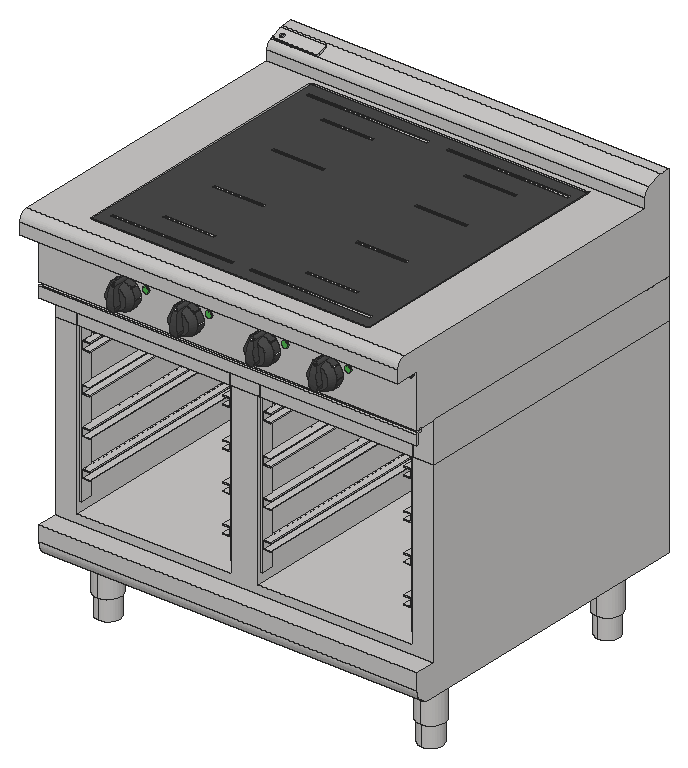
Revit family "QF_Moffat_INL8400F-CB_Induction_Cooktop_cat", category Specialty Equipment, Revit 2019
Family settings
  Round Connector Dimension = Use Diameter
  Part Type = Normal
  Work Plane-Based = No
  Always vertical = Yes
  Cut with Voids When Loaded = No
  Shared = No
  Room Calculation Point = No
Parameters (values of type "INL8400F-CB_415/60/3")
  Weight in Kilograms = 105
  Watts = 20000 W
  Volts = 415 V
  URL Cutsheet = ""
  Specification by User = ""
  Specification by Manufacturer = ""
  Show Logo [instance] = yes
  Serial Number = ""
  Seismic Rating = ""
  SMACNA No = ""
  Revision Code = ""
  Phase = 3
  Number of Poles = 1
  NAFEM Spec ID Number = ""
  Model = "INL8400F-CB"
  Min Ckt Ampacity = 0 A
  Max Overcurrent Protection = 0 A
  Masterspec = ""
  Manufacturer = "Moffat"
  Length = 900 mm
  Item Number = ""
  Installed By = ""
  Identify Quantity as Lot = yes
  Height = 970 mm
  HP = ""
  Furnished By = ""
  Foodservice Equipment Identifier = yes
  FL Amps = 28 A
  Electrical Remarks = ""
  Electric Connection Type = ""
  Elec Conn RI Height = 0 mm
  Elec Conn Connection Height = 0 mm
  Description = "Induction Cooktop"
  Depth = 805 mm
  Cycle = 60 Hz
  Conn Plug = ""
  Conn Conduit = yes
  CSI MasterFormat = ""
  Apparent Power = 16608 VA
Reference planes
  plane 1 "BACK": y = 0
  plane 2: z = 0
  plane 3 "LEFT": x = 0
  plane 4 "RIGHT": x = 900
  plane 5 "FRONT": y = -805
  plane 6 "TOP": z = 970
  plane 7 "Center Y": x = 450
  plane 8 "Center X": y = -402.5
  plane 9: x = 65.5
  plane 10: x = 834.5
  plane 11: y = -30
  plane 12: z = 150
  plane 13: y = -100
  plane 14: y = -625
  plane 15: y = -70
  plane 16: z = 915
  plane 17: x = 770
Forms (mm)
  Extrusion 1, solid, material "QF_Metal_Stainless_Polished"
    sketch origin (0, 0, 560) x (0, 1, 0) y (0, 0, 1)
      loop
        line (0, 180) -> (0, 410) -> (-24.305, 410) -> (-57.632, 395.853)
        arc (-57.632, 395.853) -> (-66.628, 388.372) -> (-70, 377.167) r 20.3
        line (-70, 377.167) -> (-70, 355) -> (-784.417, 355)
        arc (-784.417, 355) -> (-798.971, 348.971) -> (-805, 334.417) r 20.583
        line (-805, 334.417) -> (-805, 305) -> (-749, 305) -> (-749, 180) -> (0, 180)
    from 0 to 900
  Extrusion 2, void
    sketch origin (0, -784.171, 915) x (0, 1, 0) y (-1, 0, 0)
      loop
        arc (699.341, -122.382) -> (697.584, -118.139) -> (693.341, -116.382) r 6
        line (693.341, -116.382) -> (45.245, -116.382)
        arc (45.245, -116.382) -> (41.002, -118.139) -> (39.245, -122.382) r 6
        line (39.245, -122.382) -> (39.245, -777.618)
        arc (39.245, -777.618) -> (41.002, -781.861) -> (45.245, -783.618) r 6
        line (45.245, -783.618) -> (693.341, -783.618)
        arc (693.341, -783.618) -> (697.584, -781.861) -> (699.341, -777.618) r 6
        line (699.341, -777.618) -> (699.341, -122.382)
    from 0 to -9.5
  Extrusion 3, solid, material "QF_Plastic_Black_Smooth"
    sketch origin (0, -784.171, 915) x (0, 1, 0) y (-1, 0, 0)
      loop
        line (695.341, -777.618) -> (695.341, -122.382)
        arc (695.341, -122.382) -> (694.755, -120.968) -> (693.341, -120.382) r 2
        line (693.341, -120.382) -> (45.245, -120.382)
        arc (45.245, -120.382) -> (43.831, -120.968) -> (43.245, -122.382) r 2
        line (43.245, -122.382) -> (43.245, -777.618)
        arc (43.245, -777.618) -> (43.831, -779.032) -> (45.245, -779.618) r 2
        line (45.245, -779.618) -> (693.341, -779.618)
        arc (693.341, -779.618) -> (694.755, -779.032) -> (695.341, -777.618) r 2
      loop
        line (663.444, -138.924) -> (657.444, -138.924) -> (657.444, -426.076) -> (663.444, -426.076) -> (663.444, -138.924)
      loop
        line (78.838, -141.424) -> (72.838, -141.424) -> (72.838, -428.576) -> (78.838, -428.576) -> (78.838, -141.424)
      loop
        line (663.444, -761.076) -> (663.444, -473.924) -> (657.444, -473.924) -> (657.444, -761.076) -> (663.444, -761.076)
      loop
        line (78.838, -758.576) -> (78.838, -471.424) -> (72.838, -471.424) -> (72.838, -758.576) -> (78.838, -758.576)
      loop
        line (600.671, -220) -> (600.671, -340) -> (606.671, -340) -> (606.671, -220) -> (600.671, -220)
      loop
        line (454.421, -220) -> (454.421, -340) -> (460.421, -340) -> (460.421, -220) -> (454.421, -220)
      loop
        line (283.728, -340) -> (283.728, -220) -> (277.728, -220) -> (277.728, -340) -> (283.728, -340)
      loop
        line (136.404, -340) -> (136.404, -220) -> (130.404, -220) -> (130.404, -340) -> (136.404, -340)
      loop
        line (600.671, -680) -> (606.671, -680) -> (606.671, -560) -> (600.671, -560) -> (600.671, -680)
      loop
        line (454.421, -680) -> (460.421, -680) -> (460.421, -560) -> (454.421, -560) -> (454.421, -680)
      loop
        line (283.728, -560) -> (277.728, -560) -> (277.728, -680) -> (283.728, -680) -> (283.728, -560)
      loop
        line (136.404, -560) -> (130.404, -560) -> (130.404, -680) -> (136.404, -680) -> (136.404, -560)
    from 0 to -9.5
  Extrusion 4, solid, material "QF_Metal_Stainless_Polished"
    sketch origin (0, 0, 600) x (0, 1, 0) y (0, 0, 1)
      loop
        line (-739.467, 140) -> (-738.192, 134.838)
        arc (-738.192, 134.838) -> (-738.307, 134.302) -> (-738.799, 134.063) r 0.625
        line (-738.799, 134.063) -> (-746.111, 134.063)
        arc (-746.111, 134.063) -> (-748.011, 133.276) -> (-748.797, 131.377) r 2.686
        line (-748.797, 131.377) -> (-748.797, 107.627) -> (-747.197, 107.627) -> (-747.197, 131.242)
        arc (-747.197, 131.242) -> (-746.84, 132.105) -> (-745.976, 132.463) r 1.221
        line (-745.976, 132.463) -> (-738.755, 132.463)
        arc (-738.755, 132.463) -> (-737.028, 133.304) -> (-736.625, 135.182) r 2.194
        line (-736.625, 135.182) -> (-737.815, 140) -> (-739.467, 140)
    from 0 to 900
  Extrusion 5, solid, material "QF_Plastic_Black_Smooth"
    sketch origin (0, -749, 741.875) x (0, 0, 1) y (-1, 0, 0)
      loop
        circle (112.843, -13.157) r 5
      loop
        circle (112.843, -886.843) r 5
    from 0 to 1.6
  Extrusion 6, solid, material "QF_Metal_Stainless_Polished"
    sketch origin (450, -699, 645) x (0, 1, 0) y (1, 0, 0)
      loop
        circle (669, 320) r 6.35
    from 0 to 10
  Extrusion 7, solid, material "QF_Metal_Stainless_Polished"
    sketch origin (0, -699, 645) x (1, 0, 0) y (0, -1, 0)
      loop
        line (0, -699) -> (900, -699) -> (900, 0) -> (849.2, 0) -> (849.2, -25.4) -> (485.8, -25.4) -> (485.8, 0) -> (414.2, 0) -> (414.2, -25.4) -> (50.8, -25.4) -> (50.8, 0) -> (0, 0) -> (0, -699)
    from 0 to -95
  Extrusion 8, solid, material "QF_Metal_Stainless_Polished"
    sketch origin (50.8, -30, 645) x (0, 1, 0) y (0, 0, 1)
      loop
        line (-669, 0) -> (-643.6, 0) -> (-643.6, 26.45) -> (-669, 26.45) -> (-669, 0)
      loop
        line (-669, 32.45) -> (-643.6, 32.45) -> (-643.6, 66.4) -> (-669, 66.4) -> (-669, 32.45)
      loop
        line (-669, 67.4) -> (-643.6, 67.4) -> (-643.6, 95) -> (-669, 95) -> (-669, 67.4)
    from 0 to 363.4
  Extrusion 9, solid, material "QF_Metal_Stainless_Polished"
    sketch origin (900, 0, 560) x (-1, 0, 0) y (0, -1, 0)
      loop
        line (761.076, 126.726) -> (473.924, 126.726) -> (473.924, 120.726) -> (761.076, 120.726) -> (761.076, 126.726)
      loop
        line (680, 183.5) -> (560, 183.5) -> (560, 177.5) -> (680, 177.5) -> (680, 183.5)
      loop
        line (680, 329.75) -> (560, 329.75) -> (560, 323.75) -> (680, 323.75) -> (680, 329.75)
      loop
        line (680, 506.443) -> (560, 506.443) -> (560, 500.443) -> (680, 500.443) -> (680, 506.443)
      loop
        line (680, 653.766) -> (560, 653.766) -> (560, 647.766) -> (680, 647.766) -> (680, 653.766)
      loop
        line (758.576, 711.333) -> (471.424, 711.333) -> (471.424, 705.333) -> (758.576, 705.333) -> (758.576, 711.333)
      loop
        line (138.924, 126.726) -> (138.924, 120.726) -> (426.076, 120.726) -> (426.076, 126.726) -> (138.924, 126.726)
      loop
        line (220, 183.5) -> (220, 177.5) -> (340, 177.5) -> (340, 183.5) -> (220, 183.5)
      loop
        line (220, 329.75) -> (220, 323.75) -> (340, 323.75) -> (340, 329.75) -> (220, 329.75)
      loop
        line (220, 506.443) -> (220, 500.443) -> (340, 500.443) -> (340, 506.443) -> (220, 506.443)
      loop
        line (220, 653.766) -> (220, 647.766) -> (340, 647.766) -> (340, 653.766) -> (220, 653.766)
      loop
        line (141.424, 711.333) -> (141.424, 705.333) -> (428.576, 705.333) -> (428.576, 711.333) -> (141.424, 711.333)
    from 355 to 345.5
  Extrusion 10, solid, material "QF_Paint_Green"
    sketch origin (123.231, -748.999, 713.75) x (0, 0, 1) y (-1, 0, 0)
      loop
        circle (100.3, -282.5) r 7.15
    from 0 to 1.6
  Extrusion 11, solid, material "QF_Plastic_Black_Smooth"
    sketch origin (135, -748.999, 725.625) x (0, 0, 1) y (-1, 0, 0)
      loop
        circle (112.843, -225) r 5
    from 0 to 1.6
  Extrusion 12, solid, material "QF_Paint_Green"
    sketch origin (-26.769, -748.999, 713.75) x (0, 0, 1) y (-1, 0, 0)
      loop
        circle (100.3, -282.5) r 7.15
    from 0 to 1.6
  Extrusion 13, solid, material "QF_Plastic_Black_Smooth"
    sketch origin (-15, -748.999, 725.625) x (0, 0, 1) y (-1, 0, 0)
      loop
        circle (112.843, -225) r 5
    from 0 to 1.6
  Extrusion 14, solid, material "QF_Paint_Green"
    sketch origin (454.481, -748.999, 713.75) x (0, 0, 1) y (-1, 0, 0)
      loop
        circle (100.3, -282.5) r 7.15
    from 0 to 1.6
  Extrusion 15, solid, material "QF_Plastic_Black_Smooth"
    sketch origin (466.25, -748.999, 725.625) x (0, 0, 1) y (-1, 0, 0)
      loop
        circle (112.843, -225) r 5
    from 0 to 1.6
  Extrusion 16, solid, material "QF_Paint_Green"
    sketch origin (304.481, -748.999, 713.75) x (0, 0, 1) y (-1, 0, 0)
      loop
        circle (100.3, -282.5) r 7.15
    from 0 to 1.6
  Extrusion 17, solid, material "QF_Plastic_Black_Smooth"
    sketch origin (316.25, -748.999, 725.625) x (0, 0, 1) y (-1, 0, 0)
      loop
        circle (112.843, -225) r 5
    from 0 to 1.6
  Extrusion 18, solid, material "QF_Metal_Stainless_Polished"
    sketch origin (849.2, -30, 645) x (0, 1, 0) y (0, 0, -1)
      loop
        line (-669, 0) -> (-669, -26.45) -> (-643.6, -26.45) -> (-643.6, 0) -> (-669, 0)
      loop
        line (-669, -32.45) -> (-669, -66.4) -> (-643.6, -66.4) -> (-643.6, -32.45) -> (-669, -32.45)
      loop
        line (-669, -67.4) -> (-669, -95) -> (-643.6, -95) -> (-643.6, -67.4) -> (-669, -67.4)
    from 0 to 363.4
Cuts and joins
  Extrusion 2 cuts Extrusion 1
Lines and regions (mm)
  symbolic lines
    curve 1: line (0, 0, 0) -> (900, 0, 0)
    curve 2: line (0, -805, 0) -> (0, 0, 0)
    curve 3: line (900, -805, 0) -> (0, -805, 0)
    curve 4: line (900, 0, 0) -> (900, -805, 0)
    curve 5: line (0, -18.182, 0) -> (900, -18.182, 0)
    curve 6: line (0, -70, 0) -> (450, -70, 0)
    curve 7: line (122.382, -84.83, 0) -> (777.618, -84.83, 0)
    curve 8: arc (777.618, -84.83, 0) -> (781.861, -86.587, 0) -> (783.618, -90.83, 0) r 6
    curve 9: line (783.618, -90.83, 0) -> (783.618, -738.926, 0)
    curve 10: arc (783.618, -738.926, 0) -> (781.861, -743.168, 0) -> (777.618, -744.926, 0) r 6
    curve 11: line (777.618, -744.926, 0) -> (122.382, -744.926, 0)
    curve 12: arc (122.382, -744.926, 0) -> (118.139, -743.168, 0) -> (116.382, -738.926, 0) r 6
    curve 13: line (116.382, -738.926, 0) -> (116.382, -90.83, 0)
    curve 14: arc (116.382, -90.83, 0) -> (118.139, -86.587, 0) -> (122.382, -84.83, 0) r 6
    curve 15: line (777.618, -88.83, 0) -> (122.382, -88.83, 0)
    curve 16: arc (122.382, -88.83, 0) -> (120.968, -89.415, 0) -> (120.382, -90.83, 0) r 2
    curve 17: line (120.382, -90.83, 0) -> (120.382, -738.926, 0)
    curve 18: arc (120.382, -738.926, 0) -> (120.968, -740.34, 0) -> (122.382, -740.926, 0) r 2
    curve 19: line (122.382, -740.926, 0) -> (777.618, -740.926, 0)
    curve 20: arc (777.618, -740.926, 0) -> (779.032, -740.34, 0) -> (779.618, -738.926, 0) r 2
    curve 21: line (779.618, -738.926, 0) -> (779.618, -90.83, 0)
    curve 22: arc (779.618, -90.83, 0) -> (779.032, -89.415, 0) -> (777.618, -88.83, 0) r 2
    curve 23: line (783.618, -738.926, 0) -> (783.618, -90.83, 0)
    curve 24: line (779.618, -90.83, 0) -> (779.618, -738.926, 0)
    curve 25: line (138.924, -126.726, 0) -> (426.076, -126.726, 0)
    curve 26: line (426.076, -126.726, 0) -> (426.076, -120.726, 0)
    curve 27: line (426.076, -120.726, 0) -> (138.924, -120.726, 0)
    curve 28: line (138.924, -120.726, 0) -> (138.924, -126.726, 0)
    curve 29: line (220, -183.5, 0) -> (340, -183.5, 0)
    curve 30: line (340, -183.5, 0) -> (340, -177.5, 0)
    curve 31: line (340, -177.5, 0) -> (220, -177.5, 0)
    curve 32: line (220, -177.5, 0) -> (220, -183.5, 0)
    curve 33: line (220, -329.75, 0) -> (340, -329.75, 0)
    curve 34: line (340, -329.75, 0) -> (340, -323.75, 0)
    curve 35: line (340, -323.75, 0) -> (220, -323.75, 0)
    curve 36: line (220, -323.75, 0) -> (220, -329.75, 0)
    curve 37: line (220, -506.443, 0) -> (340, -506.443, 0)
    curve 38: line (340, -506.443, 0) -> (340, -500.443, 0)
    curve 39: line (340, -500.443, 0) -> (220, -500.443, 0)
    curve 40: line (220, -500.443, 0) -> (220, -506.443, 0)
    curve 41: line (220, -653.766, 0) -> (340, -653.766, 0)
    curve 42: line (340, -653.766, 0) -> (340, -647.766, 0)
    curve 43: line (340, -647.766, 0) -> (220, -647.766, 0)
    curve 44: line (220, -647.766, 0) -> (220, -653.766, 0)
    curve 45: line (141.424, -711.333, 0) -> (428.576, -711.333, 0)
    curve 46: line (428.576, -711.333, 0) -> (428.576, -705.333, 0)
    curve 47: line (428.576, -705.333, 0) -> (141.424, -705.333, 0)
    curve 48: line (141.424, -705.333, 0) -> (141.424, -711.333, 0)
    curve 49: line (471.424, -711.333, 0) -> (758.576, -711.333, 0)
    curve 50: line (758.576, -711.333, 0) -> (758.576, -705.333, 0)
    curve 51: line (758.576, -705.333, 0) -> (471.424, -705.333, 0)
    curve 52: line (471.424, -705.333, 0) -> (471.424, -711.333, 0)
    curve 53: line (680, -653.766, 0) -> (560, -653.766, 0)
    curve 54: line (560, -653.766, 0) -> (560, -647.766, 0)
    curve 55: line (560, -647.766, 0) -> (680, -647.766, 0)
    curve 56: line (680, -647.766, 0) -> (680, -653.766, 0)
    curve 57: line (560, -506.443, 0) -> (680, -506.443, 0)
    curve 58: line (680, -506.443, 0) -> (680, -500.443, 0)
    curve 59: line (680, -500.443, 0) -> (560, -500.443, 0)
    curve 60: line (560, -500.443, 0) -> (560, -506.443, 0)
    curve 61: line (560, -329.75, 0) -> (680, -329.75, 0)
    curve 62: line (680, -329.75, 0) -> (680, -323.75, 0)
    curve 63: line (680, -323.75, 0) -> (560, -323.75, 0)
    curve 64: line (560, -323.75, 0) -> (560, -329.75, 0)
    curve 65: line (680, -177.5, 0) -> (560, -177.5, 0)
    curve 66: line (560, -177.5, 0) -> (560, -183.5, 0)
    curve 67: line (560, -183.5, 0) -> (680, -183.5, 0)
    curve 68: line (680, -183.5, 0) -> (680, -177.5, 0)
    curve 69: line (473.924, -126.726, 0) -> (761.076, -126.726, 0)
    curve 70: line (761.076, -126.726, 0) -> (761.076, -120.726, 0)
    curve 71: line (761.076, -120.726, 0) -> (473.924, -120.726, 0)
    curve 72: line (473.924, -120.726, 0) -> (473.924, -126.726, 0)
    curve 73: line (0, 0, 560) -> (900, 0, 560)
    curve 74: line (0, -805, 560) -> (0, 0, 560)
    curve 75: line (900, -805, 560) -> (0, -805, 560)
    curve 76: line (900, 0, 560) -> (900, -805, 560)
    curve 77: line (0, -18.182, 560) -> (900, -18.182, 560)
    curve 78: line (0, -70, 560) -> (900, -70, 560)
    curve 79: line (122.382, -84.83, 560) -> (777.618, -84.83, 560)
    curve 80: arc (777.618, -84.83, 560) -> (781.861, -86.587, 560) -> (783.618, -90.83, 560) r 6
    curve 81: line (783.618, -90.83, 560) -> (783.618, -738.926, 560)
    curve 82: arc (783.618, -738.926, 560) -> (781.861, -743.168, 560) -> (777.618, -744.926, 560) r 6
    curve 83: line (777.618, -744.926, 560) -> (122.382, -744.926, 560)
    curve 84: arc (122.382, -744.926, 560) -> (118.139, -743.168, 560) -> (116.382, -738.926, 560) r 6
    curve 85: line (116.382, -738.926, 560) -> (116.382, -90.83, 560)
    curve 86: arc (116.382, -90.83, 560) -> (118.139, -86.587, 560) -> (122.382, -84.83, 560) r 6
    curve 87: line (777.618, -88.83, 560) -> (122.382, -88.83, 560)
    curve 88: arc (122.382, -88.83, 560) -> (120.968, -89.415, 560) -> (120.382, -90.83, 560) r 2
    curve 89: line (120.382, -90.83, 560) -> (120.382, -738.926, 560)
    curve 90: arc (120.382, -738.926, 560) -> (120.968, -740.34, 560) -> (122.382, -740.926, 560) r 2
    curve 91: line (122.382, -740.926, 560) -> (777.618, -740.926, 560)
    curve 92: arc (777.618, -740.926, 560) -> (779.032, -740.34, 560) -> (779.618, -738.926, 560) r 2
    curve 93: line (779.618, -738.926, 560) -> (779.618, -90.83, 560)
    curve 94: arc (779.618, -90.83, 560) -> (779.032, -89.415, 560) -> (777.618, -88.83, 560) r 2
    curve 95: line (783.618, -738.926, 560) -> (783.618, -90.83, 560)
    curve 96: line (779.618, -90.83, 560) -> (779.618, -738.926, 560)
    curve 97: line (138.924, -126.726, 560) -> (426.076, -126.726, 560)
    curve 98: line (426.076, -126.726, 560) -> (426.076, -120.726, 560)
    curve 99: line (426.076, -120.726, 560) -> (138.924, -120.726, 560)
    curve 100: line (138.924, -120.726, 560) -> (138.924, -126.726, 560)
    curve 101: line (220, -183.5, 560) -> (340, -183.5, 560)
    curve 102: line (340, -183.5, 560) -> (340, -177.5, 560)
    curve 103: line (340, -177.5, 560) -> (220, -177.5, 560)
    curve 104: line (220, -177.5, 560) -> (220, -183.5, 560)
    curve 105: line (220, -329.75, 560) -> (340, -329.75, 560)
    curve 106: line (340, -329.75, 560) -> (340, -323.75, 560)
    curve 107: line (340, -323.75, 560) -> (220, -323.75, 560)
    curve 108: line (220, -323.75, 560) -> (220, -329.75, 560)
    curve 109: line (220, -506.443, 560) -> (340, -506.443, 560)
    curve 110: line (340, -506.443, 560) -> (340, -500.443, 560)
    curve 111: line (340, -500.443, 560) -> (220, -500.443, 560)
    curve 112: line (220, -500.443, 560) -> (220, -506.443, 560)
    curve 113: line (220, -653.766, 560) -> (340, -653.766, 560)
    curve 114: line (340, -653.766, 560) -> (340, -647.766, 560)
    curve 115: line (340, -647.766, 560) -> (220, -647.766, 560)
    curve 116: line (220, -647.766, 560) -> (220, -653.766, 560)
    curve 117: line (141.424, -711.333, 560) -> (428.576, -711.333, 560)
    curve 118: line (428.576, -711.333, 560) -> (428.576, -705.333, 560)
    curve 119: line (428.576, -705.333, 560) -> (141.424, -705.333, 560)
    curve 120: line (141.424, -705.333, 560) -> (141.424, -711.333, 560)
    curve 121: line (471.424, -711.333, 560) -> (758.576, -711.333, 560)
    curve 122: line (758.576, -711.333, 560) -> (758.576, -705.333, 560)
    curve 123: line (758.576, -705.333, 560) -> (471.424, -705.333, 560)
    curve 124: line (471.424, -705.333, 560) -> (471.424, -711.333, 560)
    curve 125: line (680, -653.766, 560) -> (560, -653.766, 560)
    curve 126: line (560, -653.766, 560) -> (560, -647.766, 560)
    curve 127: line (560, -647.766, 560) -> (680, -647.766, 560)
    curve 128: line (680, -647.766, 560) -> (680, -653.766, 560)
    curve 129: line (560, -506.443, 560) -> (680, -506.443, 560)
    curve 130: line (680, -506.443, 560) -> (680, -500.443, 560)
    curve 131: line (680, -500.443, 560) -> (560, -500.443, 560)
    curve 132: line (560, -500.443, 560) -> (560, -506.443, 560)
    curve 133: line (560, -329.75, 560) -> (680, -329.75, 560)
    curve 134: line (680, -329.75, 560) -> (680, -323.75, 560)
    curve 135: line (680, -323.75, 560) -> (560, -323.75, 560)
    curve 136: line (560, -323.75, 560) -> (560, -329.75, 560)
    curve 137: line (680, -177.5, 560) -> (560, -177.5, 560)
    curve 138: line (560, -177.5, 560) -> (560, -183.5, 560)
    curve 139: line (560, -183.5, 560) -> (680, -183.5, 560)
    curve 140: line (680, -183.5, 560) -> (680, -177.5, 560)
    curve 141: line (473.924, -126.726, 560) -> (761.076, -126.726, 560)
    curve 142: line (761.076, -126.726, 560) -> (761.076, -120.726, 560)
    curve 143: line (761.076, -120.726, 560) -> (473.924, -120.726, 560)
    curve 144: line (473.924, -120.726, 560) -> (473.924, -126.726, 560)
Dimensions and locks
  equal spacing: plane 3 "LEFT", plane 7 "Center Y", plane 4 "RIGHT"
  "Length": plane 3 "LEFT" to plane 4 "RIGHT"
  equal spacing: plane 5 "FRONT", plane 8 "Center X", plane 1 "BACK"
  "Depth": plane 5 "FRONT" to plane 1 "BACK"
  "Height": plane 6 "TOP" to level
  plane 9 to plane 10 = 769 mm
  plane 4 "RIGHT" to plane 3 "LEFT" = 900 mm
  plane 6 "TOP" to plane 2 = 970 mm
  plane 1 "BACK" to plane 11 = 30 mm
  plane 1 "BACK" to plane 13 to plane 14 = 100 mm, 525 mm
  plane 1 "BACK" to plane 15 = 70 mm
  plane 16 to level = 915 mm  (x2)
  level to plane 12 = 150 mm
  plane 12 to level = 150 mm
  plane 4 "RIGHT" to plane 17 = 130 mm
  plane 1 "BACK" to plane 5 "FRONT" = 805 mm
  locked: plane 10 to plane 4 "RIGHT" at 65.5
  Extrusion 6 to level = 635 mm
  aligned and locked: level to plane 2
  aligned and locked: Extrusion 18 to Extrusion 7  (x2)
  aligned and locked: plane 7 "Center Y" to nested 1
  aligned and locked: plane 8 "Center X" to nested 1
Automatic sketch dimensions
  curve 8 to curve 22 = 0 mm  (x2)
  curve 10 to curve 20 = 0 mm  (x2)
  curve 12 to curve 18 = 0 mm  (x2)
  curve 14 to curve 16 = 0 mm  (x2)
  plane 1 "BACK" to curve 1 = 0 mm
  curve 1 to plane 3 "LEFT" = 0 mm
  curve 6 to plane 7 "Center Y" = 0 mm
  curve 1 to plane 4 "RIGHT" = 0 mm
  plane 5 "FRONT" to curve 3 = 0 mm
  plane 15 to curve 6 = 0 mm
  curve 13 to plane 9 = 50.882 mm
  curve 13 to curve 17 = 4 mm
  curve 17 to curve 16 = 2 mm
  curve 17 to curve 18 = 2 mm
  curve 14 to curve 25 = 16.542 mm
  curve 18 to curve 48 = 19.042 mm
  curve 40 to plane 9 = 154.5 mm
  plane 14 to curve 44 = 22.766 mm
  curve 47 to curve 44 = 78.576 mm
  curve 25 to curve 29 = 81.076 mm
  plane 8 "Center X" to curve 36 = 72.75 mm
  curve 36 to curve 29 = 0 mm
  curve 34 to plane 7 "Center Y" = 110 mm
  curve 37 to plane 7 "Center Y" = 110 mm
  plane 14 to curve 41 = 28.766 mm
  curve 41 to plane 7 "Center Y" = 110 mm
  curve 31 to plane 7 "Center Y" = 110 mm
  curve 26 to plane 7 "Center Y" = 23.924 mm
  curve 45 to plane 7 "Center Y" = 21.424 mm
  plane 7 "Center Y" to curve 52 = 21.424 mm
  plane 7 "Center Y" to curve 72 = 23.924 mm
  curve 69 to curve 67 = 86.076 mm
  plane 7 "Center Y" to curve 64 = 110 mm
  plane 7 "Center Y" to curve 60 = 110 mm
  plane 14 to curve 55 = 22.766 mm
  curve 51 to curve 55 = 88.576 mm
  plane 14 to curve 56 = 28.766 mm
  curve 56 to plane 17 = 90 mm
  curve 63 to plane 17 = 90 mm
  curve 68 to plane 17 = 90 mm
  curve 59 to plane 17 = 90 mm
  curve 51 to plane 17 = 11.424 mm
  curve 69 to plane 17 = 8.924 mm
  plane 17 to curve 10 = 7.618 mm
  plane 17 to curve 7 = 7.618 mm
  curve 8 to curve 21 = 2 mm
  curve 11 to plane 5 "FRONT" = 60.074 mm
  curve 10 to curve 50 = 27.593 mm
  curve 18 to curve 45 = 27.593 mm
  curve 45 to curve 47 = 6 mm
  curve 49 to curve 51 = 6 mm
  curve 60 to plane 8 "Center X" = 103.943 mm
  curve 40 to plane 8 "Center X" = 103.943 mm
  curve 57 to curve 59 = 6 mm
  curve 37 to curve 40 = 6 mm
  plane 8 "Center X" to curve 62 = 72.75 mm
  curve 61 to curve 64 = 6 mm
  curve 33 to curve 34 = 6 mm
  plane 13 to curve 29 = 83.5 mm
  plane 13 to curve 67 = 83.5 mm
  curve 29 to curve 31 = 6 mm
  curve 67 to curve 68 = 6 mm
  plane 13 to curve 25 = 26.726 mm
  plane 13 to curve 72 = 26.726 mm
  curve 25 to curve 28 = 6 mm
  curve 69 to curve 71 = 6 mm
  curve 21 to plane 13 = 9.17 mm
  curve 5 to plane 11 = 11.818 mm
  Extrusion 2 sketch curve to Extrusion 1 = 39.492 mm
  Extrusion 2 sketch curve to Extrusion 2 sketch curve = 6 mm  (x3)
  Extrusion 1 to Extrusion 2 sketch curve = 20.83 mm  (x2)
  Extrusion 1 to Extrusion 2 sketch curve = 116.382 mm
  Extrusion 1 to Extrusion 2 sketch curve = 122.382 mm
  Extrusion 3 sketch curve to Extrusion 1 = 43.492 mm
  Extrusion 3 sketch curve to Extrusion 3 sketch curve = 2 mm  (x3)
  Extrusion 3 sketch curve to Extrusion 1 = 73.085 mm
  Extrusion 3 sketch curve to Extrusion 3 sketch curve = 0 mm  (x5)
  Extrusion 3 sketch curve to Extrusion 3 sketch curve = 6 mm  (x12)
  Extrusion 3 sketch curve to Extrusion 3 sketch curve = 51.566 mm  (x2)
  Extrusion 3 sketch curve to Extrusion 3 sketch curve = 141.323 mm  (x2)
  Extrusion 3 sketch curve to Extrusion 3 sketch curve = 170.693 mm  (x2)
  Extrusion 1 to Extrusion 3 sketch curve = 113.5 mm  (x2)
  Extrusion 1 to Extrusion 3 sketch curve = 56.726 mm
  Extrusion 1 to Extrusion 3 sketch curve = 20.83 mm  (x2)
  Extrusion 1 to Extrusion 3 sketch curve = 120.382 mm
  Extrusion 3 sketch curve to Extrusion 3 sketch curve = 16.542 mm
  Extrusion 3 sketch curve to Extrusion 3 sketch curve = 19.042 mm  (x2)
  Extrusion 3 sketch curve to Extrusion 3 sketch curve = 81.076 mm  (x2)
  Extrusion 3 sketch curve to Extrusion 3 sketch curve = 78.576 mm  (x3)
  Extrusion 3 sketch curve to Extrusion 3 sketch curve = 120 mm  (x8)
  Extrusion 3 sketch curve to Extrusion 3 sketch curve = 86.076 mm  (x2)
  Extrusion 3 sketch curve to Extrusion 3 sketch curve = 88.576 mm  (x2)
  Extrusion 3 sketch curve to Extrusion 3 sketch curve = 42.848 mm
  Extrusion 3 sketch curve to Extrusion 3 sketch curve = 47.848 mm
  Extrusion 4 sketch curve to plane 5 "FRONT" = 56.203 mm
  Extrusion 4 sketch curve to Extrusion 4 sketch curve = 1.6 mm
  Extrusion 4 sketch curve to Extrusion 4 sketch curve = 1.086 mm
  Extrusion 4 sketch curve to Extrusion 4 sketch curve = 0.135 mm  (x2)
  Extrusion 4 sketch curve to Extrusion 4 sketch curve = 6.644 mm
  Extrusion 4 sketch curve to Extrusion 4 sketch curve = 0.668 mm
  Extrusion 4 sketch curve to Extrusion 4 sketch curve = 0.044 mm
  Extrusion 4 sketch curve to Extrusion 4 sketch curve = 0.563 mm
  Extrusion 4 sketch curve to Extrusion 4 sketch curve = 1.652 mm
  Extrusion 4 sketch curve to Extrusion 4 sketch curve = 1.567 mm
  Extrusion 4 sketch curve to plane 16 = 207.373 mm
  Extrusion 4 sketch curve to Extrusion 4 sketch curve = 23.614 mm
  Extrusion 4 sketch curve to Extrusion 4 sketch curve = 0.594 mm
  Extrusion 4 sketch curve to Extrusion 4 sketch curve = 0.032 mm
  Extrusion 4 sketch curve to Extrusion 4 sketch curve = 5.162 mm
  Extrusion 1 to Extrusion 5 sketch curve = 10.282 mm  (x2)
  Extrusion 1 to Extrusion 5 sketch curve = 13.157 mm  (x2)
  Extrusion 7 to Extrusion 6 sketch curve = 30 mm
  Extrusion 6 sketch curve to Extrusion 7 = 79.2 mm
  Extrusion 7 sketch curve to plane 3 "LEFT" = 0 mm
  Extrusion 7 sketch curve to plane 4 "RIGHT" = 0 mm
  plane 1 "BACK" to Extrusion 7 sketch curve = 0 mm
  plane 9 to Extrusion 7 sketch curve = 14.7 mm
  Extrusion 7 sketch curve to plane 7 "Center Y" = 35.8 mm
  plane 7 "Center Y" to Extrusion 7 sketch curve = 35.8 mm
  Extrusion 7 sketch curve to plane 10 = 14.7 mm
  plane 14 to Extrusion 7 sketch curve = 48.6 mm  (x2)
  Extrusion 7 sketch curve to Extrusion 7 sketch curve = 25.4 mm  (x3)
  Extrusion 8 sketch curve to Extrusion 7 = 0 mm  (x8)
  Extrusion 7 to Extrusion 8 sketch curve = 26.45 mm
  Extrusion 8 sketch curve to Extrusion 8 sketch curve = 6 mm
  Extrusion 7 to Extrusion 8 sketch curve = 28.6 mm
  Extrusion 8 sketch curve to Extrusion 8 sketch curve = 1 mm
  plane 17 to Extrusion 9 sketch curve = 8.924 mm
  plane 17 to Extrusion 9 sketch curve = 11.424 mm
  Extrusion 9 sketch curve to plane 14 = 28.766 mm  (x2)
  plane 17 to Extrusion 9 sketch curve = 90 mm  (x4)
  Extrusion 9 sketch curve to plane 7 "Center Y" = 110 mm  (x4)
  Extrusion 9 sketch curve to plane 14 = 22.766 mm
  Extrusion 9 sketch curve to plane 7 "Center Y" = 23.924 mm
  Extrusion 9 sketch curve to plane 7 "Center Y" = 21.424 mm
  plane 7 "Center Y" to Extrusion 9 sketch curve = 21.424 mm
  plane 7 "Center Y" to Extrusion 9 sketch curve = 23.924 mm
  plane 7 "Center Y" to Extrusion 9 sketch curve = 110 mm  (x2)
  Extrusion 9 sketch curve to Extrusion 9 sketch curve = 88.576 mm
  Extrusion 9 sketch curve to Extrusion 9 sketch curve = 86.076 mm
  Extrusion 9 sketch curve to Extrusion 9 sketch curve = 120 mm  (x4)
  plane 9 to Extrusion 9 sketch curve = 75.924 mm
  Extrusion 9 sketch curve to plane 13 = 20.726 mm
  plane 9 to Extrusion 9 sketch curve = 73.424 mm
  Extrusion 9 sketch curve to plane 14 = 80.333 mm  (x2)
  Extrusion 9 sketch curve to Extrusion 9 sketch curve = 6 mm  (x11)
  plane 8 "Center X" to Extrusion 9 sketch curve = 103.943 mm  (x2)
  Extrusion 9 sketch curve to plane 8 "Center X" = 72.75 mm  (x2)
  Extrusion 9 sketch curve to plane 13 = 83.5 mm  (x2)
  Extrusion 9 sketch curve to plane 13 = 26.726 mm
  Extrusion 10 sketch curve to plane 7 "Center Y" = 44.269 mm
  Extrusion 10 sketch curve to plane 16 = 100.95 mm
  Extrusion 11 sketch curve to plane 16 = 76.532 mm
  Extrusion 11 sketch curve to plane 7 "Center Y" = 90 mm
  Extrusion 12 sketch curve to plane 16 = 100.95 mm
  Extrusion 12 sketch curve to plane 9 = 190.231 mm
  Extrusion 13 sketch curve to plane 16 = 76.532 mm
  Extrusion 13 sketch curve to plane 9 = 144.5 mm
  Extrusion 14 sketch curve to plane 17 = 33.019 mm
  Extrusion 14 sketch curve to plane 16 = 100.95 mm
  Extrusion 15 sketch curve to plane 16 = 76.532 mm
  Extrusion 15 sketch curve to plane 17 = 78.75 mm
  Extrusion 16 sketch curve to plane 16 = 100.95 mm
  plane 7 "Center Y" to Extrusion 16 sketch curve = 136.981 mm
  Extrusion 17 sketch curve to plane 16 = 76.532 mm
  plane 7 "Center Y" to Extrusion 17 sketch curve = 91.25 mm
  plane 14 to Extrusion 18 sketch curve = 74 mm
  Extrusion 18 sketch curve to Extrusion 18 sketch curve = 0 mm  (x4)
  Extrusion 18 sketch curve to Extrusion 18 sketch curve = 25.4 mm
  Extrusion 18 sketch curve to plane 16 = 175 mm
  Extrusion 18 sketch curve to Extrusion 18 sketch curve = 27.6 mm
  Extrusion 18 sketch curve to Extrusion 18 sketch curve = 1 mm
  Extrusion 18 sketch curve to Extrusion 18 sketch curve = 33.95 mm
  Extrusion 18 sketch curve to Extrusion 18 sketch curve = 6 mm
  Extrusion 18 sketch curve to Extrusion 18 sketch curve = 26.45 mm
  Extrusion 1 sketch curve to plane 5 "FRONT" = 0 mm
  Extrusion 1 sketch curve to plane 16 = 0 mm
  Extrusion 1 sketch curve to plane 15 = 0 mm
  Extrusion 1 sketch curve to plane 6 "TOP" = 0 mm
  Extrusion 1 sketch curve to plane 1 "BACK" = 0 mm
  Extrusion 1 sketch curve to Extrusion 1 sketch curve = 20.583 mm
  Extrusion 1 sketch curve to plane 5 "FRONT" = 56 mm
  Extrusion 1 sketch curve to plane 15 = 12.368 mm
  plane 11 to Extrusion 1 sketch curve = 19.7 mm
  Extrusion 1 sketch curve to plane 11 = 5.695 mm
  Extrusion 1 sketch curve to Extrusion 1 sketch curve = 29.417 mm
  Extrusion 1 sketch curve to plane 16 = 175 mm
  plane 16 to Extrusion 1 sketch curve = 22.167 mm
  curve 80 to curve 94 = 0 mm  (x2)
  curve 82 to curve 92 = 0 mm
  curve 84 to curve 90 = 0 mm  (x2)
  curve 86 to curve 88 = 0 mm  (x2)
  plane 1 "BACK" to curve 73 = 0 mm
  curve 73 to plane 3 "LEFT" = 0 mm
  curve 75 to plane 4 "RIGHT" = 0 mm
  plane 5 "FRONT" to curve 75 = 0 mm
  plane 15 to curve 78 = 0 mm
  curve 85 to plane 9 = 50.882 mm
  curve 85 to curve 89 = 4 mm
  curve 89 to curve 88 = 2 mm
  curve 89 to curve 90 = 2 mm
  curve 86 to curve 97 = 16.542 mm
  curve 90 to curve 120 = 19.042 mm
  curve 112 to plane 9 = 154.5 mm
  plane 14 to curve 116 = 22.766 mm
  curve 119 to curve 116 = 78.576 mm
  curve 97 to curve 101 = 81.076 mm
  plane 8 "Center X" to curve 108 = 72.75 mm
  curve 108 to curve 101 = 0 mm
  curve 106 to plane 7 "Center Y" = 110 mm
  curve 109 to plane 7 "Center Y" = 110 mm
  plane 14 to curve 113 = 28.766 mm
  curve 113 to plane 7 "Center Y" = 110 mm
  curve 103 to plane 7 "Center Y" = 110 mm
  curve 98 to plane 7 "Center Y" = 23.924 mm
  curve 118 to plane 7 "Center Y" = 21.424 mm
  plane 7 "Center Y" to curve 124 = 21.424 mm
  plane 7 "Center Y" to curve 144 = 23.924 mm
  curve 141 to curve 139 = 86.076 mm
  plane 7 "Center Y" to curve 136 = 110 mm
  plane 7 "Center Y" to curve 132 = 110 mm
  plane 14 to curve 127 = 22.766 mm
  curve 123 to curve 127 = 88.576 mm
  curve 135 to plane 17 = 90 mm
  curve 137 to plane 17 = 90 mm
  curve 131 to plane 17 = 90 mm
  plane 14 to curve 128 = 28.766 mm
  curve 128 to plane 17 = 90 mm
  curve 122 to plane 17 = 11.424 mm
  curve 141 to plane 17 = 8.924 mm
  plane 17 to curve 91 = 7.618 mm
  plane 17 to curve 80 = 7.618 mm
  curve 80 to curve 96 = 2 mm
  curve 83 to plane 5 "FRONT" = 60.074 mm
  curve 82 to curve 122 = 27.593 mm
  curve 90 to curve 117 = 27.593 mm
  curve 117 to curve 119 = 6 mm
  curve 121 to curve 123 = 6 mm
  curve 132 to plane 8 "Center X" = 103.943 mm
  curve 112 to plane 8 "Center X" = 103.943 mm
  curve 129 to curve 131 = 6 mm
  curve 109 to curve 112 = 6 mm
  plane 8 "Center X" to curve 134 = 72.75 mm
  curve 133 to curve 136 = 6 mm
  curve 105 to curve 106 = 6 mm
  plane 13 to curve 101 = 83.5 mm
  plane 13 to curve 139 = 83.5 mm
  curve 101 to curve 103 = 6 mm
  curve 139 to curve 140 = 6 mm
  plane 13 to curve 97 = 26.726 mm
  plane 13 to curve 144 = 26.726 mm
  curve 97 to curve 100 = 6 mm
  curve 141 to curve 143 = 6 mm
  curve 93 to plane 13 = 9.17 mm
  curve 77 to plane 11 = 11.818 mm
  radius of Extrusion 5 sketch curve = 5 mm  (x2)
  radius of Extrusion 6 sketch curve = 6.35 mm
  radius of Extrusion 10 sketch curve = 7.15 mm
  radius of Extrusion 11 sketch curve = 5 mm
  radius of Extrusion 12 sketch curve = 7.15 mm
  radius of Extrusion 13 sketch curve = 5 mm
  radius of Extrusion 14 sketch curve = 7.15 mm
  radius of Extrusion 15 sketch curve = 5 mm
  radius of Extrusion 16 sketch curve = 7.15 mm
  radius of Extrusion 17 sketch curve = 5 mm
Nested families
  nested 1: "IN8400F-CB_Cabinet base" at (0, 0, 0), type "IN511F-LS"
  nested 2: "Knob" at (327.5, -739.499, 760.75), type "Knob"
  nested 3: "Knob" at (177.5, -739.499, 760.75), type "Knob"
  nested 4: "Knob" at (658.75, -739.499, 760.75), type "Knob"
  nested 5: "Knob" at (508.75, -739.499, 760.75), type "Knob"
  nested 6: "QF_LOGO_Waldorf1" at (2, -55.308, 956.84), visible <- "Show Logo", type "QF_LOGO_Waldorf 2"
Connectors
  electrical at (770, -30, 635), driven by "Volts", driven by "Watts"
    settings: on Extrusion 6, index 5, voltage 415 V, apparent load 20000 VA, apparent load phase1 0 VA, apparent load phase2 0 VA, apparent load phase3 0 VA, power factor 1, load classification "Other", number of poles 1, system type 30, power factor state 1, is connector primary yes, connector utility no, sub classification motor no, connector description "ELECTRICAL CONNECTION"
Definition of nested family "IN8400F-CB_Cabinet base"
  Parameters (values of type "IN511F-LS")
    Model = ""
    Manufacturer = ""
    Description = ""
  Reference planes
    plane 1 "BACK": y = 0
    plane 2: z = 0
    plane 3 "LEFT": x = 0
    plane 4 "RIGHT": x = 900
    plane 5 "FRONT": y = -805
    plane 6 "TOP": z = 1130
    plane 7 "Center Y": x = 450
    plane 8 "Center X": y = -402.5
    plane 9: x = 65.5
    plane 10: x = 834.5
    plane 11: y = -100
    plane 12: y = -625
    plane 13: z = 150
    plane 14: z = 645
  Forms (mm)
    Revolve 1, solid
      sketch origin (65.5, -4572, 255.2) x (0, 0, -1) y (0, -1, 0)
        loop
          line (255.2, -3974.5) -> (255.2, -3947) -> (105.2, -3947) -> (105.2, -3978.75) -> (205.2, -3978.75) -> (205.2, -3974.5) -> (255.2, -3974.5)
        axis (105.2, -3947) -> (255.2, -3947)
      angle from 0 to 360
    Revolve 2, solid
      sketch origin (834.5, -4572, 255.2) x (0, 0, -1) y (0, 1, 0)
        loop
          line (255.2, 3974.5) -> (205.2, 3974.5) -> (205.2, 3978.75) -> (105.2, 3978.75) -> (105.2, 3947) -> (255.2, 3947) -> (255.2, 3974.5)
        axis (105.2, 3947) -> (255.2, 3947)
      angle from 0 to 360
    Extrusion 3, solid
      sketch origin (0, 0, 0) x (0, 1, 0) y (0, 0, 1)
        loop
          line (-50.8, 150) -> (-50.8, 242.5) -> (-699, 242.5) -> (-699, 222.5) -> (-747.95, 222.5) -> (-747.95, 185)
          arc (-747.95, 185) -> (-737.699, 160.251) -> (-712.95, 150) r 35
          line (-712.95, 150) -> (-50.8, 150)
      from 0 to 900
    Extrusion 4, solid
      sketch origin (-6096, 120, 150) x (0, 1, 0) y (-1, 0, 0)
        loop
          line (-120, -6096) -> (-819, -6096) -> (-819, -6146.8) -> (-170.8, -6146.8) -> (-170.8, -6514.25) -> (-819, -6514.25) -> (-819, -6577.75) -> (-170.8, -6577.75) -> (-170.8, -6945.2) -> (-819, -6945.2) -> (-819, -6996) -> (-120, -6996) -> (-120, -6096)
      from 0 to 495
    Extrusion 5, solid
      sketch origin (50.8, -50.8, 267.5) x (0, 0, 1) y (1, 0, 0)
        loop
          line (325, 25.4) -> (325, 6.4) -> (345, 6.4) -> (345, 25.4) -> (343.4, 25.4) -> (343.4, 8) -> (326.6, 8) -> (326.6, 25.4) -> (325, 25.4)
        loop
          line (230, 25.4) -> (230, 6.4) -> (250, 6.4) -> (250, 25.4) -> (248.4, 25.4) -> (248.4, 8) -> (231.6, 8) -> (231.6, 25.4) -> (230, 25.4)
        loop
          line (140, 25.4) -> (140, 6.4) -> (160, 6.4) -> (160, 25.4) -> (158.4, 25.4) -> (158.4, 8) -> (141.6, 8) -> (141.6, 25.4) -> (140, 25.4)
        loop
          line (50, 25.4) -> (50, 6.4) -> (70, 6.4) -> (70, 25.4) -> (68.4, 25.4) -> (68.4, 8) -> (51.6, 8) -> (51.6, 25.4) -> (50, 25.4)
      from 0 to -641.85
    Extrusion 6, solid
      sketch origin (50.8, 44.437, 150) x (0, 1, 0) y (0, 0, 1)
        loop
          line (-95.237, 493.4) -> (-120.637, 493.4) -> (-120.637, 117.5) -> (-95.237, 117.5) -> (-95.237, 493.4)
        loop
          line (-709.687, 117.5) -> (-709.687, 495) -> (-737.087, 495) -> (-737.087, 117.5) -> (-709.687, 117.5)
      from 0 to 6.4
    Revolve 7, solid
      sketch origin (65.5, -4047, 255.2) x (0, 0, -1) y (0, -1, 0)
        loop
          line (255.2, -3974.5) -> (255.2, -3947) -> (105.2, -3947) -> (105.2, -3978.75) -> (205.2, -3978.75) -> (205.2, -3974.5) -> (255.2, -3974.5)
        axis (105.2, -3947) -> (255.2, -3947)
      angle from 0 to 360
    Revolve 8, solid
      sketch origin (834.5, -4047, 255.2) x (0, 0, -1) y (0, 1, 0)
        loop
          line (255.2, 3974.5) -> (205.2, 3974.5) -> (205.2, 3978.75) -> (105.2, 3978.75) -> (105.2, 3947) -> (255.2, 3947) -> (255.2, 3974.5)
        axis (105.2, 3947) -> (255.2, 3947)
      angle from 0 to 360
    Extrusion 9, solid
      sketch origin (418.25, 44.437, 150) x (0, 1, 0) y (0, 0, -1)
        loop
          line (-95.237, -488.4) -> (-95.237, -117.5) -> (-120.637, -117.5) -> (-120.637, -488.4) -> (-95.237, -488.4)
        loop
          line (-709.687, -117.5) -> (-737.087, -117.5) -> (-737.087, -490) -> (-709.687, -490) -> (-709.687, -117.5)
      from 0 to 6.4
    Extrusion 10, solid
      sketch origin (481.75, 44.437, 150) x (0, 1, 0) y (0, 0, 1)
        loop
          line (-95.237, 488.4) -> (-120.637, 488.4) -> (-120.637, 117.5) -> (-95.237, 117.5) -> (-95.237, 488.4)
        loop
          line (-709.687, 117.5) -> (-709.687, 490) -> (-737.087, 490) -> (-737.087, 117.5) -> (-709.687, 117.5)
      from 0 to 6.4
    Extrusion 11, solid
      sketch origin (849.2, 44.437, 150) x (0, 1, 0) y (0, 0, -1)
        loop
          line (-95.237, -493.4) -> (-95.237, -117.5) -> (-120.637, -117.5) -> (-120.637, -493.4) -> (-95.237, -493.4)
        loop
          line (-709.687, -117.5) -> (-737.087, -117.5) -> (-737.087, -495) -> (-709.687, -495) -> (-709.687, -117.5)
      from 0 to 6.4
    Extrusion 12, solid
      sketch origin (500.8, -50.8, 267.5) x (0, 0, 1) y (1, 0, 0)
        loop
          line (325, 323) -> (326.6, 323) -> (326.6, 340.4) -> (343.4, 340.4) -> (343.4, 323) -> (345, 323) -> (345, 342) -> (325, 342) -> (325, 323)
        loop
          line (230, 323) -> (231.6, 323) -> (231.6, 340.4) -> (248.4, 340.4) -> (248.4, 323) -> (250, 323) -> (250, 342) -> (230, 342) -> (230, 323)
        loop
          line (140, 323) -> (141.6, 323) -> (141.6, 340.4) -> (158.4, 340.4) -> (158.4, 323) -> (160, 323) -> (160, 342) -> (140, 342) -> (140, 323)
        loop
          line (50, 323) -> (51.6, 323) -> (51.6, 340.4) -> (68.4, 340.4) -> (68.4, 323) -> (70, 323) -> (70, 342) -> (50, 342) -> (50, 323)
      from 0 to -641.85
    Extrusion 13, solid
      sketch origin (69.85, -50.8, 267.5) x (0, 0, 1) y (1, 0, 0)
        loop
          line (325, 323) -> (326.6, 323) -> (326.6, 340.4) -> (343.4, 340.4) -> (343.4, 323) -> (345, 323) -> (345, 342) -> (325, 342) -> (325, 323)
        loop
          line (230, 323) -> (231.6, 323) -> (231.6, 340.4) -> (248.4, 340.4) -> (248.4, 323) -> (250, 323) -> (250, 342) -> (230, 342) -> (230, 323)
        loop
          line (140, 323) -> (141.6, 323) -> (141.6, 340.4) -> (158.4, 340.4) -> (158.4, 323) -> (160, 323) -> (160, 342) -> (140, 342) -> (140, 323)
        loop
          line (50, 323) -> (51.6, 323) -> (51.6, 340.4) -> (68.4, 340.4) -> (68.4, 323) -> (70, 323) -> (70, 342) -> (50, 342) -> (50, 323)
      from 0 to -641.85
    Extrusion 14, solid
      sketch origin (830.15, -50.8, 267.5) x (0, 0, 1) y (1, 0, 0)
        loop
          line (325, -323) -> (325, -342) -> (345, -342) -> (345, -323) -> (343.4, -323) -> (343.4, -340.4) -> (326.6, -340.4) -> (326.6, -323) -> (325, -323)
        loop
          line (230, -323) -> (230, -342) -> (250, -342) -> (250, -323) -> (248.4, -323) -> (248.4, -340.4) -> (231.6, -340.4) -> (231.6, -323) -> (230, -323)
        loop
          line (140, -323) -> (140, -342) -> (160, -342) -> (160, -323) -> (158.4, -323) -> (158.4, -340.4) -> (141.6, -340.4) -> (141.6, -323) -> (140, -323)
        loop
          line (50, -323) -> (50, -342) -> (70, -342) -> (70, -323) -> (68.4, -323) -> (68.4, -340.4) -> (51.6, -340.4) -> (51.6, -323) -> (50, -323)
      from 0 to -641.85
  Cuts and joins
    joined: Extrusion 3, Extrusion 4
  Dimensions and locks
    equal spacing: plane 3 "LEFT", plane 7 "Center Y", plane 4 "RIGHT"
    plane 3 "LEFT" to plane 4 "RIGHT" = 900 mm
    equal spacing: plane 5 "FRONT", plane 8 "Center X", plane 1 "BACK"
    plane 5 "FRONT" to plane 1 "BACK" = 805 mm
    plane 6 "TOP" to level = 1130 mm
    plane 9 to plane 10 = 769 mm
    plane 4 "RIGHT" to plane 3 "LEFT" = 900 mm
    plane 1 "BACK" to plane 5 "FRONT" = 805 mm
    plane 6 "TOP" to plane 2 = 1130 mm
    plane 1 "BACK" to plane 11 to plane 12 = 100 mm, 525 mm
    plane 13 to plane 2 = 150 mm
    locked: Extrusion 4 sketch curve to plane 4 "RIGHT" at 50.8
    Extrusion 4 sketch curve to plane 7 "Center Y" to Extrusion 4 sketch curve = 31.75 mm locked, 31.75 mm locked
    locked: plane 10 to plane 4 "RIGHT" at 65.5
    plane 13 to level = 150 mm
    aligned and locked: level to plane 2
    aligned and locked: plane 14 to cut or joined group of Extrusion 3, Extrusion 4
    aligned and locked: cut or joined group of Extrusion 3, Extrusion 4 to plane 4 "RIGHT"
    aligned and locked: plane 10 to Revolve 2
    aligned and locked: plane 10 to Revolve 8
  Automatic sketch dimensions
    Revolve 1 sketch curve to plane 12 = 0 mm  (x2)
    Revolve 1 sketch curve to plane 13 = 0 mm
    Revolve 1 sketch curve to level = 0 mm  (x2)
    level to Revolve 1 sketch curve = 50 mm
    Revolve 1 sketch curve to Revolve 1 sketch curve = 27.5 mm
    Revolve 1 sketch curve to Revolve 1 sketch curve = 31.75 mm
    Revolve 1 sketch curve to Revolve 1 sketch curve = 25 mm
    Revolve 2 sketch curve to plane 12 = 0 mm  (x2)
    Revolve 2 sketch curve to plane 13 = 0 mm
    Revolve 2 sketch curve to level = 0 mm  (x2)
    level to Revolve 2 sketch curve = 50 mm
    Revolve 2 sketch curve to plane 12 = 27.5 mm
    Revolve 2 sketch curve to Revolve 2 sketch curve = 4.25 mm
    Revolve 2 sketch curve to Revolve 2 sketch curve = 25 mm
    Extrusion 3 sketch curve to plane 13 = 0 mm
    Extrusion 3 sketch curve to plane 5 "FRONT" = 57.05 mm
    Extrusion 3 sketch curve to Extrusion 3 sketch curve = 35 mm
    Extrusion 3 sketch curve to Extrusion 3 sketch curve = 48.95 mm
    Extrusion 3 sketch curve to plane 11 = 49.2 mm
    Extrusion 3 sketch curve to Extrusion 3 sketch curve = 37.5 mm
    plane 13 to Extrusion 3 sketch curve = 92.5 mm
    Extrusion 4 sketch curve to plane 3 "LEFT" = 0 mm
    Extrusion 4 sketch curve to plane 4 "RIGHT" = 0 mm
    plane 1 "BACK" to Extrusion 4 sketch curve = 0 mm
    Extrusion 4 sketch curve to plane 11 = 49.2 mm  (x2)
    plane 12 to Extrusion 4 sketch curve = 74 mm  (x3)
    plane 9 to Extrusion 4 sketch curve = 14.7 mm
    Extrusion 6 to Extrusion 5 sketch curve = 0 mm  (x4)
    Extrusion 5 sketch curve to Extrusion 6 = 19 mm  (x4)
    Extrusion 6 to Extrusion 5 sketch curve = 50 mm
    Extrusion 5 sketch curve to Extrusion 5 sketch curve = 1.6 mm  (x8)
    Extrusion 5 sketch curve to Extrusion 6 = 1.6 mm  (x4)
    Extrusion 5 sketch curve to Extrusion 5 sketch curve = 16.8 mm  (x4)
    Extrusion 5 sketch curve to Extrusion 5 sketch curve = 70 mm  (x2)
    Extrusion 5 sketch curve to Extrusion 6 = 50.9 mm
    Extrusion 5 sketch curve to Extrusion 5 sketch curve = 17.4 mm  (x3)
    Extrusion 5 sketch curve to Extrusion 5 sketch curve = 0 mm
    Extrusion 4 to Extrusion 6 sketch curve = 0 mm
    Extrusion 6 sketch curve to Extrusion 4 = 0 mm
    Extrusion 6 sketch curve to Extrusion 6 sketch curve = 25.4 mm
    Extrusion 4 to Extrusion 6 sketch curve = 33.75 mm
    Extrusion 4 to Extrusion 6 sketch curve = 6.35 mm
    Extrusion 4 to Extrusion 6 sketch curve = 1.6 mm
    Extrusion 4 to Extrusion 6 sketch curve = 117.5 mm  (x2)
    Revolve 7 sketch curve to plane 11 = 0 mm  (x2)
    Revolve 7 sketch curve to plane 13 = 0 mm
    Revolve 7 sketch curve to level = 0 mm  (x2)
    level to Revolve 7 sketch curve = 50 mm
    Revolve 7 sketch curve to Revolve 7 sketch curve = 27.5 mm
    Revolve 7 sketch curve to plane 11 = 31.75 mm
    Revolve 7 sketch curve to Revolve 7 sketch curve = 25 mm
    Revolve 8 sketch curve to plane 11 = 0 mm  (x2)
    Revolve 8 sketch curve to plane 13 = 0 mm
    Revolve 8 sketch curve to level = 0 mm  (x2)
    level to Revolve 8 sketch curve = 50 mm
    Revolve 8 sketch curve to plane 11 = 27.5 mm
    Revolve 8 sketch curve to Revolve 8 sketch curve = 4.25 mm
    Revolve 8 sketch curve to Revolve 8 sketch curve = 25 mm
    plane 12 to Extrusion 9 sketch curve = 67.65 mm
    Extrusion 9 sketch curve to plane 14 = 5 mm
    Extrusion 9 sketch curve to Extrusion 9 sketch curve = 27.4 mm
    Extrusion 9 sketch curve to plane 14 = 6.6 mm
    Extrusion 9 sketch curve to plane 11 = 23.8 mm
    Extrusion 9 sketch curve to Extrusion 9 sketch curve = 25.4 mm
    plane 13 to Extrusion 9 sketch curve = 117.5 mm  (x2)
    plane 12 to Extrusion 10 sketch curve = 67.65 mm
    Extrusion 10 sketch curve to plane 14 = 5 mm
    Extrusion 10 sketch curve to Extrusion 10 sketch curve = 27.4 mm
    Extrusion 10 sketch curve to plane 14 = 6.6 mm
    Extrusion 10 sketch curve to plane 11 = 23.8 mm
    Extrusion 10 sketch curve to Extrusion 10 sketch curve = 25.4 mm
    plane 13 to Extrusion 10 sketch curve = 117.5 mm  (x2)
    Extrusion 11 sketch curve to plane 14 = 0 mm
    plane 12 to Extrusion 11 sketch curve = 67.65 mm
    Extrusion 11 sketch curve to Extrusion 11 sketch curve = 27.4 mm
    Extrusion 11 sketch curve to plane 14 = 1.6 mm
    Extrusion 11 sketch curve to plane 11 = 23.8 mm
    Extrusion 11 sketch curve to Extrusion 11 sketch curve = 25.4 mm
    plane 13 to Extrusion 11 sketch curve = 117.5 mm  (x2)
    plane 10 to Extrusion 12 sketch curve = 10.7 mm  (x8)
    plane 13 to Extrusion 12 sketch curve = 167.5 mm
    Extrusion 12 sketch curve to Extrusion 12 sketch curve = 1.6 mm  (x12)
    Extrusion 12 sketch curve to plane 10 = 6.7 mm  (x4)
    Extrusion 12 sketch curve to Extrusion 12 sketch curve = 16.8 mm  (x4)
    Extrusion 12 sketch curve to Extrusion 12 sketch curve = 70 mm  (x2)
    Extrusion 12 sketch curve to plane 14 = 52.5 mm
    Extrusion 13 sketch curve to plane 7 "Center Y" = 57.15 mm  (x4)
    plane 13 to Extrusion 13 sketch curve = 167.5 mm
    Extrusion 13 sketch curve to Extrusion 13 sketch curve = 1.6 mm  (x12)
    Extrusion 13 sketch curve to Extrusion 13 sketch curve = 16.8 mm  (x4)
    Extrusion 13 sketch curve to Extrusion 13 sketch curve = 70 mm  (x2)
    Extrusion 13 sketch curve to plane 14 = 52.5 mm
    Extrusion 13 sketch curve to Extrusion 13 sketch curve = 0 mm  (x4)
    Extrusion 13 sketch curve to Extrusion 13 sketch curve = 17.4 mm  (x4)
    plane 7 "Center Y" to Extrusion 14 sketch curve = 57.15 mm  (x4)
    plane 13 to Extrusion 14 sketch curve = 167.5 mm
    Extrusion 14 sketch curve to Extrusion 14 sketch curve = 1.6 mm  (x12)
    Extrusion 14 sketch curve to Extrusion 14 sketch curve = 16.8 mm  (x4)
    Extrusion 14 sketch curve to Extrusion 14 sketch curve = 70 mm  (x2)
    Extrusion 14 sketch curve to plane 14 = 52.5 mm
    Extrusion 14 sketch curve to Extrusion 14 sketch curve = 0 mm  (x3)
    Extrusion 14 sketch curve to Extrusion 14 sketch curve = 17.4 mm  (x5)
Definition of nested family "Knob"
  Parameters (values of type "Knob")
    Weight in Pounds = 0
    URL Cutsheet = ""
    Specification by User = ""
    Specification by Manufacturer = ""
    Serial Number = ""
    Seismic Rating = ""
    SMACNA No = ""
    Revision Code = ""
    NAFEM Spec ID Number = ""
    Masterspec = ""
    Length = 65 mm
    Item Number = ""
    Installed By = ""
    Identify Quantity as Lot = yes
    Height = 69.5 mm
    Furnished By = ""
    Foodservice Equipment Identifier = yes
    Depth = 59 mm
    CSI MasterFormat = ""
  Reference planes
    plane 1 "BACK": y = 0
    plane 2: z = 0
    plane 3 "LEFT": x = 0
    plane 4 "RIGHT": x = 65
    plane 5 "FRONT": y = -59
    plane 6 "TOP": z = 69.5
    plane 7 "Center Y": x = 32.5
    plane 8 "Center X": y = -29.5
  Forms (mm)
    Revolve 1, solid
      sketch origin (32.5, 175.397, 1219.2) x (0, 1, 0) y (0, 0, 1)
        loop
          line (-175.397, -1186.7) -> (-219.397, -1186.7) -> (-219.397, -1211.501) -> (-202.106, -1219.2) -> (-185.397, -1219.2) -> (-185.397, -1191.7) -> (-175.397, -1191.7) -> (-175.397, -1186.7)
        axis (-219.397, -1186.7) -> (-175.397, -1186.7)
      angle from 0 to 360
    Extrusion 2, solid
      sketch origin (32.5, 175.397, 1219.2) x (0, 1, 0) y (0, 0, 1)
        loop
          line (-202.106, -1154.2) -> (-185.397, -1154.2) -> (-185.397, -1149.7) -> (-224.105, -1149.7)
          arc (-224.105, -1149.7) -> (-233.965, -1178.467) -> (-230.696, -1208.7) r 70
          line (-230.696, -1208.7) -> (-219.397, -1208.7) -> (-219.397, -1161.899) -> (-202.106, -1154.2)
      from -15 to 15
    Extrusion 3, void
      sketch origin (0, 0, 0) x (1, 0, 0) y (0, 0, 1)
        loop
          line (27.501, 64.613) -> (22.02, 20.585)
          arc (22.02, 20.585) -> (32.792, 10.488) -> (42.986, 21.169) r 10.487
          line (42.986, 21.169) -> (37.499, 64.613)
          arc (37.499, 64.613) -> (32.5, 69.5) -> (27.501, 64.613) r 5
        loop
          line (10, 72.977) -> (10, 5.625) -> (55, 5.625) -> (55, 72.977) -> (10, 72.977)
      from 6.142 to 69.687
    Extrusion 4, solid
      sketch origin (0, -34.115, -16.916) x (1, 0, 0) y (0, 0.45399, 0.891007)
        loop
          circle (32.497, 65) r 2
      from 51.525 to 53.075
    Extrusion 5, solid
      sketch origin (32.5, -10, 32.5) x (0, 0, -1) y (-1, 0, 0)
        loop
          line (-23.54, -22.408) -> (-24.106, -22.974)
          arc (-24.106, -22.974) -> (-23.547, -23.547) -> (-22.974, -24.106) r 33.3
          line (-22.974, -24.106) -> (-22.408, -23.54)
          arc (-22.408, -23.54) -> (-22.981, -22.981) -> (-23.54, -22.408) r 32.5
        loop
          arc (-0.8, -33.29) -> (0, -33.3) -> (0.8, -33.29) r 33.3
          line (0.8, -33.29) -> (0.8, -32.49)
          arc (0.8, -32.49) -> (0, -32.5) -> (-0.8, -32.49) r 32.5
          line (-0.8, -32.49) -> (-0.8, -33.29)
        loop
          arc (23.54, -22.408) -> (22.981, -22.981) -> (22.408, -23.54) r 32.5
          line (22.408, -23.54) -> (22.974, -24.106)
          arc (22.974, -24.106) -> (23.547, -23.547) -> (24.106, -22.974) r 33.3
          line (24.106, -22.974) -> (23.54, -22.408)
        loop
          arc (-23.54, 22.408) -> (-22.981, 22.981) -> (-22.408, 23.54) r 32.5
          line (-22.408, 23.54) -> (-22.974, 24.106)
          arc (-22.974, 24.106) -> (-23.547, 23.547) -> (-24.106, 22.974) r 33.3
          line (-24.106, 22.974) -> (-23.54, 22.408)
        loop
          line (-0.8, 33.29) -> (-0.8, 32.49)
          arc (-0.8, 32.49) -> (0, 32.5) -> (0.8, 32.49) r 32.5
          line (0.8, 32.49) -> (0.8, 33.29)
          arc (0.8, 33.29) -> (0, 33.3) -> (-0.8, 33.29) r 33.3
        loop
          line (32.49, -0.8) -> (33.29, -0.8)
          arc (33.29, -0.8) -> (33.3, 0) -> (33.29, 0.8) r 33.3
          line (33.29, 0.8) -> (32.49, 0.8)
          arc (32.49, 0.8) -> (32.5, 0) -> (32.49, -0.8) r 32.5
        loop
          arc (24.106, 22.974) -> (23.547, 23.547) -> (22.974, 24.106) r 33.3
          line (22.974, 24.106) -> (22.408, 23.54)
          arc (22.408, 23.54) -> (22.981, 22.981) -> (23.54, 22.408) r 32.5
          line (23.54, 22.408) -> (24.106, 22.974)
      from 0 to -16.709
  Cuts and joins
    Extrusion 3 cuts Extrusion 2
  Dimensions and locks
    equal spacing: plane 3 "LEFT", plane 7 "Center Y", plane 4 "RIGHT"
    "Length": plane 3 "LEFT" to plane 4 "RIGHT"
    equal spacing: plane 5 "FRONT", plane 8 "Center X", plane 1 "BACK"
    "Depth": plane 5 "FRONT" to plane 1 "BACK"
    "Height": plane 6 "TOP" to level
    plane 4 "RIGHT" to plane 3 "LEFT" = 65 mm
    aligned and locked: level to plane 2
  Automatic sketch dimensions
    Revolve 1 sketch curve to level = 0 mm
    Revolve 1 sketch curve to plane 1 "BACK" = 0 mm  (x2)
    plane 1 "BACK" to Revolve 1 sketch curve = 10 mm
    plane 8 "Center X" to Revolve 1 sketch curve = 2.791 mm
    Revolve 1 sketch curve to plane 8 "Center X" = 14.5 mm
    level to Revolve 1 sketch curve = 7.699 mm
    level to Revolve 1 sketch curve = 27.5 mm
    Revolve 1 sketch curve to Revolve 1 sketch curve = 5 mm
    Revolve 1 sketch curve to Revolve 1 sketch curve = 35 mm
    Revolve 1 sketch curve to Revolve 1 sketch curve = 0 mm
    Extrusion 2 sketch curve to plane 6 "TOP" = 0 mm
    Extrusion 2 sketch curve to plane 5 "FRONT" = 3.702 mm
    Extrusion 2 sketch curve to plane 5 "FRONT" = 10.293 mm
    Extrusion 2 sketch curve to Extrusion 2 sketch curve = 11.298 mm
    plane 8 "Center X" to Extrusion 2 sketch curve = 2.791 mm
    plane 1 "BACK" to Extrusion 2 sketch curve = 10 mm
    Extrusion 2 sketch curve to plane 1 "BACK" = 11 mm
    Extrusion 2 sketch curve to plane 6 "TOP" = 4.5 mm
    Extrusion 2 sketch curve to plane 6 "TOP" = 12.199 mm
    level to Extrusion 2 sketch curve = 32.962 mm
